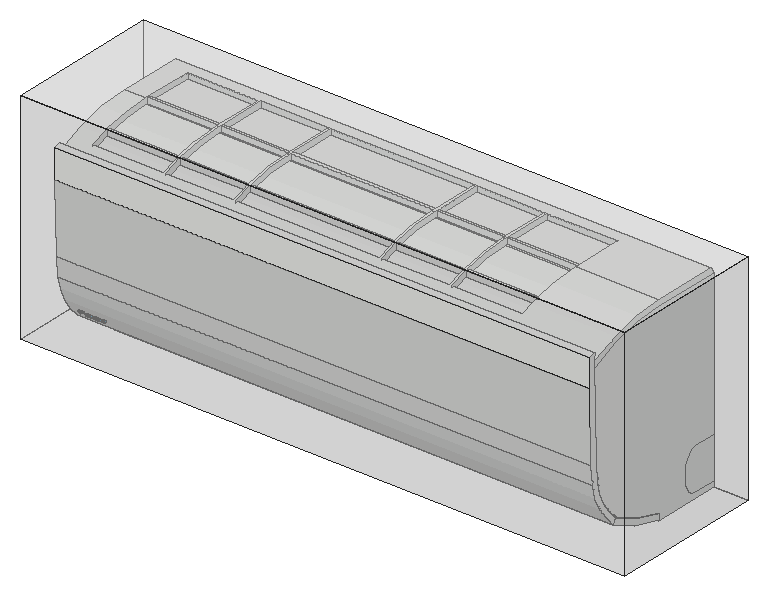
Revit family "outputfile", category 機械設備, Revit 2024 (continued)
Definition of nested family "DAIKIN_indoorunit_FTKM-XVMG"
  Automatic sketch dimensions
    Extrusion 22 sketch curve to plane 1 "Center (Front/Back)" = 0.0 mm
    Extrusion 22 sketch curve to Extrusion 22 sketch curve = 20.0 mm  (x2)
    Extrusion 22 sketch curve to level = 287.035 mm
    Extrusion 23 sketch curve to plane 1 "Center (Front/Back)" = 0.0 mm
    Extrusion 23 sketch curve to Extrusion 23 sketch curve = 20.0 mm  (x2)
    Extrusion 23 sketch curve to level = 287.035 mm
    plane 1 "Center (Front/Back)" to Extrusion 24 sketch curve = 0.0 mm  (x2)
    plane 3 "Center (Left/Right)" to Extrusion 24 sketch curve = 469.0 mm
    Extrusion 24 sketch curve to Extrusion 24 sketch curve = 20.0 mm  (x4)
    Extrusion 24 sketch curve to plane 3 "Center (Left/Right)" = 409.0 mm
  Nested families
    nested 1: "daikin_logo_plane_w40" at (-320, -198.871, -233.244) x (1, 0, 0) z (0, -0.7841, -0.6206), visible <- "switch_unit1_25-35", type "daikin_logo_plane_w40"
      with show_logo yes
    nested 2: "daikin_logo_plane_w40" at (-430, -237.74, -233.244) x (1, 0, 0) z (0, -0.7841, -0.6206), visible <- "switch_unit1_50-71", type "daikin_logo_plane_w40"
      with show_logo yes
  Definition of nested family "daikin_logo_plane_w40"
    Parameters (values of type "daikin_logo_plane_w40")
      width = 40.0 mm
      show_logo [instance] = yes
      material = none
      height = 0.0 mm
      depth = 0.0 mm
      Default Elevation = 1219.2 mm
    Reference planes
      plane 1 "Center (Front/Back)": y = 0
      plane 2: z = 0
      plane 3 "Center (Left/Right)": x = 0
      plane 4: z = 2
      plane 5 "left": x = -19
      plane 6: x = 19
    Forms (mm)
      Extrusion 1, solid, visible <- "show_logo"
        sketch origin (-19, 0, 0) x (1, 0, 0) y (0, 1, 0)
          loop
            line (8.902, -1.878) -> (7.789, -6.332) -> (11.13, -6.332)
            arc (11.13, -6.332) -> (12.454, -6.064) -> (13.472, -5.176) r 2.642
            arc (13.472, -5.176) -> (13.92, -4.02) -> (13.767, -2.79) r 2.537
            arc (13.767, -2.79) -> (13.452, -2.342) -> (12.982, -2.06) r 1.321
            arc (12.982, -2.06) -> (12.063, -1.902) -> (11.13, -1.878) r 6.479
            line (11.13, -1.878) -> (8.902, -1.878)
          loop
            line (10.016, -5.441) -> (10.907, -5.441)
            arc (10.907, -5.441) -> (11.591, -4.983) -> (11.988, -4.261) r 1.742
            spline (11.988, -4.261) -> (12.01, -4.155) -> (12.027, -4.03) -> (12.037, -3.893) -> (12.037, -3.747) -> (12.026, -3.598) -> (12.002, -3.451) -> (11.962, -3.31) -> (11.905, -3.181) -> (11.829, -3.069) -> (11.731, -2.978) -> (11.61, -2.913) -> (11.464, -2.88)
            line (11.464, -2.88) -> (10.573, -2.88) -> (10.016, -5.441)
          loop
            line (13.58, -6.332) -> (14.805, -6.332) -> (15.223, -5.553) -> (16.977, -5.553) -> (17.144, -6.332) -> (19.149, -6.332) -> (18.258, -1.878) -> (16.03, -1.878) -> (13.58, -6.332)
          loop
            line (16.476, -3.214) -> (15.76, -4.551) -> (16.762, -4.551) -> (16.476, -3.214)
          loop
            line (19.705, -6.332) -> (21.599, -6.332) -> (22.712, -1.878) -> (20.819, -1.878) -> (19.705, -6.332)
          loop
            line (22.712, -6.332) -> (24.606, -6.332) -> (24.908, -5.122) -> (25.831, -6.332) -> (28.17, -6.332) -> (26.388, -3.994) -> (28.949, -1.878) -> (26.945, -1.878) -> (25.401, -3.153) -> (25.719, -1.878) -> (23.826, -1.878) -> (22.712, -6.332)
          loop
            line (29.84, -1.878) -> (28.615, -6.332) -> (30.62, -6.332) -> (31.734, -1.878) -> (29.84, -1.878)
          loop
            line (31.734, -6.332) -> (33.07, -6.332) -> (33.7, -3.814) -> (34.518, -6.332) -> (36.745, -6.332) -> (37.859, -1.878) -> (36.523, -1.878) -> (35.845, -4.589) -> (34.963, -1.878) -> (32.847, -1.878) -> (31.734, -6.332)
        from 0 to 2
      Extrusion 2, solid, visible <- "show_logo"
        sketch origin (-19, 0, 0) x (1, 0, 0) y (0, 1, 0)
          loop
            line (8.7, 0) -> (4.235, 0) -> (0, -3.879) -> (0, -8) -> (8.7, 0)
        from 0 to 2
      Extrusion 3, solid, visible <- "show_logo"
        sketch origin (-19, 0, 0) x (1, 0, 0) y (0, 1, 0)
          loop
            line (0, 0) -> (0, -3.879) -> (4.235, 0) -> (0, 0)
        from 0 to 2
    Dimensions and locks
      plane 4 to plane 2 = 2.0 mm
      equal spacing: plane 5 "left", plane 3 "Center (Left/Right)", plane 6
      locked: plane 5 "left" to plane 6 at 38
      aligned and locked: level to plane 2
      aligned and locked: Extrusion 3 to plane 1 "Center (Front/Back)"  (x2)
      aligned and locked: Extrusion 2 to plane 1 "Center (Front/Back)"  (x2)
      aligned and locked: plane 4 to Extrusion 1
      aligned and locked: plane 4 to Extrusion 3
      aligned and locked: plane 4 to Extrusion 2
      aligned and locked: Extrusion 3 to plane 5 "left"
      aligned and locked: Extrusion 2 to plane 5 "left"
    Automatic sketch dimensions
      Extrusion 1 sketch curve to Extrusion 1 sketch curve = 0.901 mm
      Extrusion 1 sketch curve to Extrusion 1 sketch curve = 1.559 mm
      Extrusion 1 sketch curve to Extrusion 1 sketch curve = 1.327 mm
      Extrusion 1 sketch curve to Extrusion 1 sketch curve = 2.145 mm
      Extrusion 1 sketch curve to Extrusion 1 sketch curve = 1.448 mm
      Extrusion 1 sketch curve to Extrusion 1 sketch curve = 2.116 mm
      Extrusion 1 sketch curve to Extrusion 1 sketch curve = 1.114 mm  (x4)
      Extrusion 1 sketch curve to Extrusion 1 sketch curve = 1.336 mm  (x2)
      plane 1 "Center (Front/Back)" to Extrusion 1 sketch curve = 1.878 mm  (x5)
      Extrusion 1 sketch curve to Extrusion 1 sketch curve = 1.893 mm  (x5)
      Extrusion 1 sketch curve to Extrusion 1 sketch curve = 0.891 mm  (x4)
      Extrusion 1 sketch curve to Extrusion 1 sketch curve = 2.005 mm  (x3)
      Extrusion 1 sketch curve to Extrusion 1 sketch curve = 0.445 mm  (x2)
      plane 1 "Center (Front/Back)" to Extrusion 1 sketch curve = 3.994 mm
      Extrusion 1 sketch curve to Extrusion 1 sketch curve = 0.557 mm  (x2)
      Extrusion 1 sketch curve to Extrusion 1 sketch curve = 2.339 mm  (x2)
      Extrusion 1 sketch curve to Extrusion 1 sketch curve = 1.225 mm  (x3)
      plane 1 "Center (Front/Back)" to Extrusion 1 sketch curve = 3.153 mm
      Extrusion 1 sketch curve to Extrusion 1 sketch curve = 0.987 mm
      plane 1 "Center (Front/Back)" to Extrusion 1 sketch curve = 5.122 mm
      Extrusion 1 sketch curve to Extrusion 1 sketch curve = 0.922 mm
      plane 1 "Center (Front/Back)" to Extrusion 1 sketch curve = 6.332 mm
      Extrusion 1 sketch curve to Extrusion 1 sketch curve = 2.562 mm
      plane 1 "Center (Front/Back)" to Extrusion 1 sketch curve = 5.553 mm
      Extrusion 1 sketch curve to Extrusion 1 sketch curve = 0.167 mm
      Extrusion 1 sketch curve to Extrusion 1 sketch curve = 0.215 mm
      plane 1 "Center (Front/Back)" to Extrusion 1 sketch curve = 3.214 mm
      Extrusion 1 sketch curve to Extrusion 1 sketch curve = 0.286 mm
      plane 1 "Center (Front/Back)" to Extrusion 1 sketch curve = 4.551 mm
      Extrusion 1 sketch curve to Extrusion 1 sketch curve = 1.002 mm
      Extrusion 1 sketch curve to Extrusion 1 sketch curve = 0.537 mm
      Extrusion 1 sketch curve to Extrusion 1 sketch curve = 0.418 mm
      Extrusion 1 sketch curve to Extrusion 1 sketch curve = 1.028 mm
      plane 1 "Center (Front/Back)" to Extrusion 1 sketch curve = 4.261 mm
      Extrusion 1 sketch curve to Extrusion 1 sketch curve = 0.563 mm
      plane 1 "Center (Front/Back)" to Extrusion 1 sketch curve = 2.88 mm
      Extrusion 1 sketch curve to Extrusion 1 sketch curve = 1.088 mm
      Extrusion 1 sketch curve to Extrusion 1 sketch curve = 2.152 mm
      Extrusion 1 sketch curve to Extrusion 1 sketch curve = 0.586 mm
      Extrusion 1 sketch curve to Extrusion 1 sketch curve = 0.118 mm
      Extrusion 1 sketch curve to Extrusion 1 sketch curve = 0.298 mm
      Extrusion 1 sketch curve to Extrusion 1 sketch curve = 0.334 mm
      Extrusion 1 sketch curve to Extrusion 1 sketch curve = 0.223 mm
      Extrusion 1 sketch curve to Extrusion 1 sketch curve = 0.266 mm
      Extrusion 1 sketch curve to Extrusion 1 sketch curve = 1.671 mm
      Extrusion 1 sketch curve to Extrusion 1 sketch curve = 2.227 mm
      Extrusion 1 sketch curve to Extrusion 1 sketch curve = 0.0 mm  (x7)
      Extrusion 1 sketch curve to Extrusion 1 sketch curve = 3.453 mm
      Extrusion 1 sketch curve to Extrusion 1 sketch curve = 2.017 mm
      Extrusion 1 sketch curve to Extrusion 1 sketch curve = 0.78 mm  (x2)
      Extrusion 1 sketch curve to Extrusion 1 sketch curve = 1.743 mm
      Extrusion 1 sketch curve to Extrusion 1 sketch curve = 0.775 mm
      Extrusion 1 sketch curve to Extrusion 1 sketch curve = 0.552 mm
      Extrusion 1 sketch curve to Extrusion 1 sketch curve = 0.014 mm
      Extrusion 1 sketch curve to Extrusion 1 sketch curve = 0.952 mm
      Extrusion 1 sketch curve to Extrusion 1 sketch curve = 1.215 mm
      Extrusion 1 sketch curve to Extrusion 1 sketch curve = 0.108 mm
      plane 1 "Center (Front/Back)" to Extrusion 2 sketch curve = 0.0 mm
      Extrusion 2 sketch curve to plane 3 "Center (Left/Right)" = 19.0 mm
      Extrusion 2 sketch curve to plane 3 "Center (Left/Right)" = 14.765 mm
      Extrusion 2 sketch curve to Extrusion 2 sketch curve = 4.465 mm
      plane 1 "Center (Front/Back)" to Extrusion 2 sketch curve = 3.879 mm
      Extrusion 2 sketch curve to Extrusion 2 sketch curve = 4.12 mm
      plane 1 "Center (Front/Back)" to Extrusion 3 sketch curve = 0.0 mm
      Extrusion 3 sketch curve to plane 3 "Center (Left/Right)" = 19.0 mm
      Extrusion 3 sketch curve to plane 3 "Center (Left/Right)" = 14.765 mm
      plane 1 "Center (Front/Back)" to Extrusion 3 sketch curve = 3.879 mm
      Extrusion 1 sketch curve to plane 3 "Center (Left/Right)" = 11.211 mm
      Extrusion 1 sketch curve to Extrusion 1 sketch curve = 1.782 mm
Definition of nested family "daikin_connector_rotate3"
  Parameters (values of type "daikin_connector_rotate3")
    show [instance] = yes
    radius [instance] = 10.0 mm
    length [instance] = 600.0 mm
    angle_horizontal [instance] = 60.00°
    angle_vertical [instance] = 90.00°
    Default Elevation = 1219.2 mm
  Reference planes
    plane 1 "Center (Front/Back)": y = 0
    plane 2: z = 0
    plane 3 "Center (Left/Right)": x = 0
  Dimensions and locks
    "angle_horizontal": angle plane 3 "Center (Left/Right)" to nested 1
    aligned and locked: level to plane 2
    aligned and locked: plane 1 "Center (Front/Back)" to nested 1  (x2)
    aligned and locked: plane 3 "Center (Left/Right)" to nested 1
  Nested families
    nested 1: "daikin_connector_rotate2" at (0, 0, 0) x (0.5, 0.866, 0) z (0, 0, 1), angle_vertical <- "angle_vertical", length <- "length", radius <- "radius", type "daikin_connector_rotate2"
      with radius 10.0 mm, length 600.0 mm, angle_vertical 90.00°
  Definition of nested family "daikin_connector_rotate2"
    Parameters (values of type "daikin_connector_rotate2")
      show_face = yes
      radius [instance] = 10.0 mm
      length [instance] = 600.0 mm
      d_surface = 10.0 mm
      angle_vertical [instance] = 90.00°
      Default Elevation = 0.0 mm
    Reference planes
      plane 1 "Center (Front/Back)": y = 0
      plane 2: z = 0
      plane 3 "Center (Left/Right)": x = 0
    Forms (mm)
      Extrusion 1, solid, visible <- "show_face"
        sketch origin (0, -600, 0) x (1, 0, 0) y (0, 0, 1)
          loop
            circle (0, 0) r 10
        from 0 to -10
    Lines and regions (mm)
      reference lines
        curve 1: line (0, 0, 0) -> (0, -600, 0)
      symbolic lines
        curve 2: circle (0, 0, 0) r 5 normal (0, 0, 1)
      model lines, visible <- "show_face"
        curve 3: line (0, 0, 0) -> (0, -600, 0)
    Dimensions and locks
      "length": curve 1 to curve 1
      "length": curve 3 to curve 3
      "d_surface": Extrusion 1 to Extrusion 1
      "radius": radius of Extrusion 1 sketch curve
      "angle_vertical": angle curve 1 to plane 1 "Center (Front/Back)"
      "angle_vertical": angle curve 3 to plane 1 "Center (Front/Back)"
      aligned and locked: level to plane 2
      aligned and locked: plane 1 "Center (Front/Back)" to curve 1
      aligned and locked: plane 2 to curve 1
      aligned and locked: plane 1 "Center (Front/Back)" to curve 2
      aligned and locked: plane 3 "Center (Left/Right)" to curve 2
      aligned and locked: plane 1 "Center (Front/Back)" to curve 3
      aligned and locked: plane 2 to curve 3
      aligned and locked: Extrusion 1 to Extrusion 1
    Automatic sketch dimensions
      Extrusion 1 sketch curve to level = 0.0 mm
      Extrusion 1 sketch curve to plane 3 "Center (Left/Right)" = 0.0 mm
      radius of curve 2 = 5.0 mm
